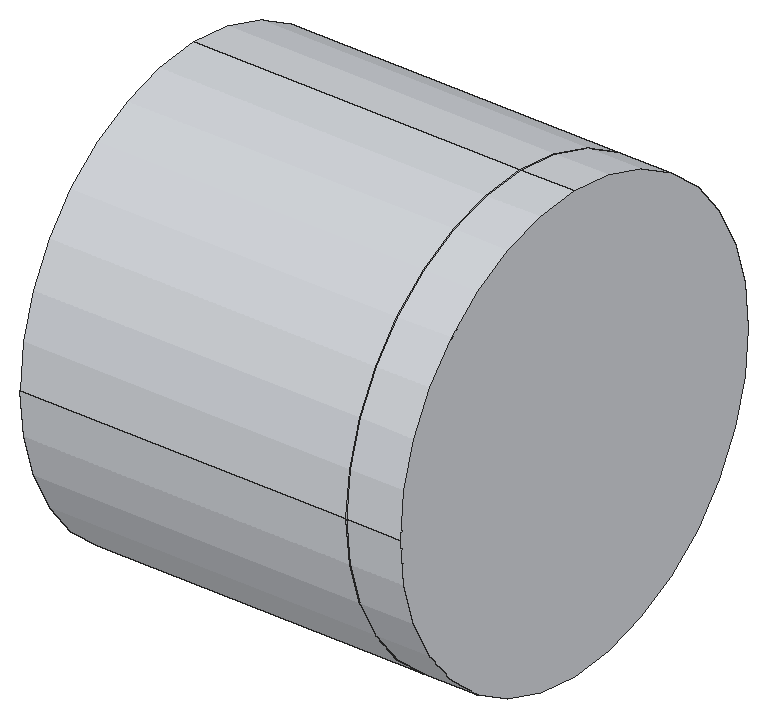
Revit family "RU Gummiabzweig - Gleitgelenk", category Luftkanalformteile, Revit 2015
Parameters (values of type "Allgemein")
  r3 [instance] = 100 mm
  l1 [instance] = 50 mm
  d3 [instance] = r3 * 2  # 200 mm
  built-in parameter 1114214 [instance] = 150 mm
  built-in parameter 1114213 [instance] = 25 mm
  built-in parameter 1114215 [instance] = (empty or 0)
  Länge l11 [instance] = 1.1045 * d3 + 160.9 mm  # 381.8 mm
  l11 [instance] = if(l1 = 0 mm, Länge l11, l1)  # 50 mm
Reference planes
  plane 1 "Mitte (vorne/hinten)": y = 0
  plane 2: z = 0
  plane 3 "Mitte (links/rechts)": x = 0
  plane 4: x = -150
  plane 5: x = 25
Forms (mm)
  Sweep 1, solid, detail levels medium+fine
    path in 3D
      loop
        line (-150, 0, 0) -> (0, 0, 0)
    profile "Luftkanal - rund : Luftkanal - rund" origin (-75, 0, 0) x (0, 1, 0) y (0, 0, 1)
      loop
        arc (-100, 0) -> (-70.711, -70.711) -> (0, -100) r 100
        arc (0, -100) -> (70.711, -70.711) -> (100, 0) r 100
        arc (100, 0) -> (70.711, 70.711) -> (0, 100) r 100
        arc (0, 100) -> (-70.711, 70.711) -> (-100, 0) r 100
  Sweep 2, solid, detail levels medium+fine
    path in 3D
      loop
        line (0, 0, 0) -> (25, 0, 0)
    profile "Luftkanal - rund : Luftkanal - rund" origin (12.5, 0, 0) x (0, 1, 0) y (0, 0, 1)
      loop
        arc (-100, 0) -> (-70.711, -70.711) -> (0, -100) r 100
        arc (0, -100) -> (70.711, -70.711) -> (100, 0) r 100
        arc (100, 0) -> (70.711, 70.711) -> (0, 100) r 100
        arc (0, 100) -> (-70.711, 70.711) -> (-100, 0) r 100
Lines and regions (mm)
  reference lines
    curve 1: line (-150, 0, 0) -> (0, 0, 0)
    curve 2: line (0, 0, 0) -> (25, 0, 0)
    curve 3: line (165, 0, 0) -> (175, 0, 0)
  sketch lines
    curve 4: line (-150, 0, 0) -> (0, 0, 0)
    curve 5: line (0, 0, 0) -> (25, 0, 0)
Dimensions and locks
  "built-in parameter 1114214": plane 4 to plane 3 "Mitte (links/rechts)"
  "built-in parameter 1114213": plane 3 "Mitte (links/rechts)" to plane 5
  aligned and locked: plane 4 to curve 1
  aligned and locked: plane 1 "Mitte (vorne/hinten)" to curve 1
  aligned and locked: plane 3 "Mitte (links/rechts)" to curve 2
  aligned and locked: plane 1 "Mitte (vorne/hinten)" to curve 2
  aligned and locked: plane 1 "Mitte (vorne/hinten)" to curve 3
  aligned and locked: plane 5 to curve 2
Automatic sketch dimensions
  curve 2 to curve 3 = 140 mm
  curve 3 to curve 3 = 10 mm
Connectors
  hvac at (0, 0, 0), driven by "r3"
    settings: on Sweep 2, index 1, duct flow 0.0 L/s, flow factor 0, pres drop 0.0 Pa, loss coef 0, conn angle 0.00°, conn width 200 mm, conn height 200 mm, conn diameter 200 mm, duct sys type 28, conn prof type 0, flow config 0, flow direction 0, loss method 0, conn ref index 2, conn util no, is conn primary yes, conn desc ""
  hvac at (25, 0, 0), driven by "r3"
    settings: on Sweep 2, index 2, duct flow 0.0 L/s, flow factor 0, pres drop 0.0 Pa, loss coef 0, conn angle 0.00°, conn width 304.8 mm, conn height 304.8 mm, conn diameter 200 mm, duct sys type 28, conn prof type 0, flow config 0, flow direction 0, loss method 0, conn ref index 1, conn util no, is conn primary no, conn desc ""
